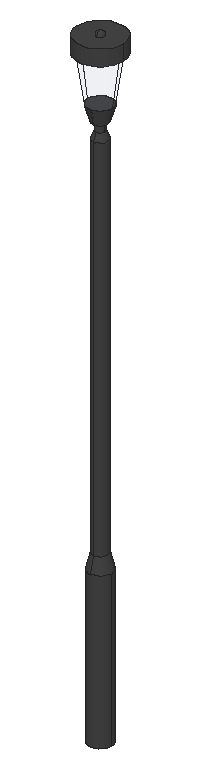
Revit family
Parameters
  Wattage = 250 W
  built-in parameter 1150110 = 1 (stored number, unit not read)
  built-in parameter 1114217 = 1 (stored number, unit not read)
  built-in parameter 1150109 = 1 (stored number, unit not read)
  built-in parameter 1150134 = 3
  built-in parameter 1150113 = 1 (stored number, unit not read)
  Material Lamp Post = Paint - Black Matte
  Material Lamp Glazing = Glass
  Main Radius = Base Radius - 25 mm  # 50 mm
  built-in parameter 1150105 = 358.1 (stored number, unit not read)
  Lumens = 4500 lm
  built-in parameter 1150115 = 1 (stored number, unit not read)
  Light top radius = Light Radius + 25 mm  # 150 mm
  Light Source Symbol Size = 609.6 mm
  Light Radius = 125 mm
  built-in parameter 1150137 = (empty or 0)
  built-in parameter 1150139 = (empty or 0)
  Light Base Radius = Main Radius - 20 mm  # 30 mm
  built-in parameter 1150112 = 1 (stored number, unit not read)
  built-in parameter 1150114 = 1 (stored number, unit not read)
  built-in parameter 1150132 = (empty or 0)
  built-in parameter 1150102 = (empty or 0)
  built-in parameter 1150107 = 3200 (stored number, unit not read)
  built-in parameter 1150138 = (empty or 0)
  built-in parameter 1150106 = 3.581 (stored number, unit not read)
  Height = 3500 mm
  built-in parameter 1150104 = 1.6723 (stored number, unit not read)
  Dimming Lamp Color Temperature Shift = (empty or 0)
  Color Filter = 16777215
  Base Radius = 75 mm
  Base Height = 1000 mm
  built-in parameter 1114218 = 1 (stored number, unit not read)
  built-in parameter 1150133 = 10 (stored number, unit not read)
Reference planes
  plane 1 "Light Source Axis (F/B)": y = 0
  plane 2: z = 0
  plane 3 "Light Source Axis (L/R)": x = -34.904
  plane 4 "Light Source Elevation": z = 3500
  plane 5: z = 1000
  plane 6: z = 1100
  plane 7: z = 3600
  plane 8: z = 3700
  plane 9: z = 4000
  plane 10: z = 4100
  plane 11: z = 3550
  plane 12: z = 3850
Forms (mm)
  Extrusion 1, solid, material "Paint - Black Matte" <- "Material Lamp Post"
    sketch origin (0, 0, 0) x (1, 0, 0) y (0, 1, 0)
      loop
        circle (-34.904, 0) r 75
    from 0 to 1000
  Extrusion 2, solid, material "Paint - Black Matte" <- "Material Lamp Post"
    sketch origin (0, 0, 1000) x (0, -1, 0) y (-1, 0, 0)
      loop
        circle (0, 34.904) r 50
    from -100 to -2500
  Blend 3, solid, material "Paint - Black Matte" <- "Material Lamp Post"
    base sketch origin (0, 0, 1000) x (0, -1, 0) y (1, 0, 0)
      loop
        circle (0, -34.904) r 75
    top sketch origin (0, 0, 1000) x (0, -1, 0) y (1, 0, 0)
      loop
        circle (0, -34.904) r 50
    from 0 to 100
  Blend 4, solid, material "Paint - Black Matte" <- "Material Lamp Post"
    base sketch origin (0, 0, 3600) x (0, -1, 0) y (1, 0, 0)
      loop
        circle (0, -34.904) r 50
    top sketch origin (0, 0, 3600) x (0, -1, 0) y (1, 0, 0)
      loop
        circle (0, -34.904) r 80
    from 0 to 100
  Extrusion 5, solid, material "Paint - Black Matte" <- "Material Lamp Post"
    sketch origin (0, 0, 3550) x (-1, 0, 0) y (0, 1, 0)
      loop
        circle (34.904, 0) r 30
    from 0 to -50
  Blend 6, solid, material "Glass" <- "Material Lamp Glazing"
    base sketch origin (0, 0, 3700) x (-1, 0, 0) y (0, -1, 0)
      loop
        circle (34.904, 0) r 80
    top sketch origin (0, 0, 3700) x (-1, 0, 0) y (0, -1, 0)
      loop
        circle (34.904, 0) r 125
    from 0 to 300
  Extrusion 7, solid, material "Paint - Black Matte" <- "Material Lamp Post"
    sketch origin (0, 0, 4000) x (-1, 0, 0) y (0, -1, 0)
      loop
        circle (34.904, 0) r 150
    from 0 to 100
  Revolve 8, solid, material "Paint - Black Matte" <- "Material Lamp Post"
    sketch origin (-34.904, 0, 0) x (0, 1, 0) y (0, 0, 1)
      loop
        line (0, 4125) -> (0, 4123)
        arc (0, 4123) -> (16.263, 4116.263) -> (23, 4100) r 23
        line (23, 4100) -> (25, 4100)
        arc (25, 4100) -> (17.678, 4117.678) -> (0, 4125) r 25
      axis (0, 4100) -> (0, 4125)
    angle from 0 to 360
  Blend 9, solid, material "Paint - Black Matte" <- "Material Lamp Post"
    base sketch origin (0, 0, 3500) x (0, -1, 0) y (1, 0, 0)
      loop
        circle (0, -34.904) r 50
    top sketch origin (0, 0, 3500) x (0, -1, 0) y (1, 0, 0)
      loop
        circle (0, -34.904) r 30
    from 0 to 50
Dimensions and locks
  "Height": plane 4 "Light Source Elevation" to plane 2
  "Base Height": plane 5 to plane 2
  locked: plane 6 to plane 5 at 100
  locked: plane 7 to plane 4 "Light Source Elevation" at 100
  locked: plane 8 to plane 7 at 100
  locked: plane 10 to plane 9 at 100
  plane 9 to plane 8 = 300 mm
  equal spacing: plane 4 "Light Source Elevation", plane 11, plane 7
  equal spacing: plane 9, plane 12, plane 8
  "Base Radius": radius of Extrusion 1 sketch curve
  "Main Radius": radius of Extrusion 2 sketch curve
  "Light Radius": radius of Blend 6 sketch curve
  "Light top radius": radius of Extrusion 7 sketch curve
  "Main Radius": radius of Blend 9 sketch curve
  "Light Base Radius": radius of Blend 9 sketch curve
  "Light Base Radius": radius of Extrusion 5 sketch curve
  aligned and locked: Extrusion 1 to plane 5
  aligned and locked: Extrusion 2 to plane 4 "Light Source Elevation"
  aligned and locked: plane 6 to Extrusion 2
  aligned and locked: Blend 3 sketch curve to Extrusion 1
  aligned and locked: Blend 3 sketch curve to Extrusion 2
  aligned and locked: Blend 3 to plane 6
  aligned and locked: plane 5 to Blend 3
  aligned and locked: plane 5 to Extrusion 1
  aligned and locked: Blend 4 sketch curve to Extrusion 2
  aligned and locked: plane 8 to Blend 4
  aligned and locked: Blend 4 to plane 7
  aligned and locked: Extrusion 5 to plane 7
  aligned and locked: plane 11 to Extrusion 5
  aligned and locked: plane 9 to Blend 6
  aligned and locked: Blend 6 sketch curve to Blend 4
  aligned and locked: plane 10 to Extrusion 7
  aligned and locked: Revolve 8 sketch curve to plane 1 "Light Source Axis (F/B)"
  aligned and locked: Revolve 8 sketch curve to plane 10
  aligned and locked: Revolve 8 sketch curve to Extrusion 7
  aligned and locked: Blend 9 to plane 11
  aligned and locked: plane 4 "Light Source Elevation" to Blend 9
  aligned and locked: plane 3 "Light Source Axis (L/R)" to imposter light
  aligned and locked: plane 1 "Light Source Axis (F/B)" to imposter light
  aligned and locked: plane 12 to imposter light
Automatic sketch dimensions
  Extrusion 1 sketch curve to plane 1 "Light Source Axis (F/B)" = 0 mm
  Extrusion 1 sketch curve to plane 3 "Light Source Axis (L/R)" = 0 mm
  Extrusion 2 sketch curve to plane 1 "Light Source Axis (F/B)" = 0 mm
  Extrusion 2 sketch curve to plane 3 "Light Source Axis (L/R)" = 0 mm
  Extrusion 5 sketch curve to plane 1 "Light Source Axis (F/B)" = 0 mm
  Extrusion 5 sketch curve to plane 3 "Light Source Axis (L/R)" = 0 mm
  Blend 6 sketch curve to plane 1 "Light Source Axis (F/B)" = 0 mm
  Blend 6 sketch curve to plane 3 "Light Source Axis (L/R)" = 0 mm
  Blend 4 sketch curve to plane 1 "Light Source Axis (F/B)" = 0 mm
  Blend 4 sketch curve to plane 3 "Light Source Axis (L/R)" = 0 mm
  Extrusion 7 sketch curve to plane 1 "Light Source Axis (F/B)" = 0 mm
  Extrusion 7 sketch curve to plane 3 "Light Source Axis (L/R)" = 0 mm
  Revolve 8 sketch curve to plane 10 = 0 mm
  Revolve 8 sketch curve to plane 1 "Light Source Axis (F/B)" = 23 mm
  Revolve 8 sketch curve to Revolve 8 sketch curve = 2 mm
  Revolve 8 sketch curve to Revolve 8 sketch curve = 10 mm
  Blend 9 sketch curve to plane 1 "Light Source Axis (F/B)" = 0 mm  (x2)
  Blend 9 sketch curve to plane 3 "Light Source Axis (L/R)" = 0 mm  (x2)
  radius of Blend 4 sketch curve = 80 mm
